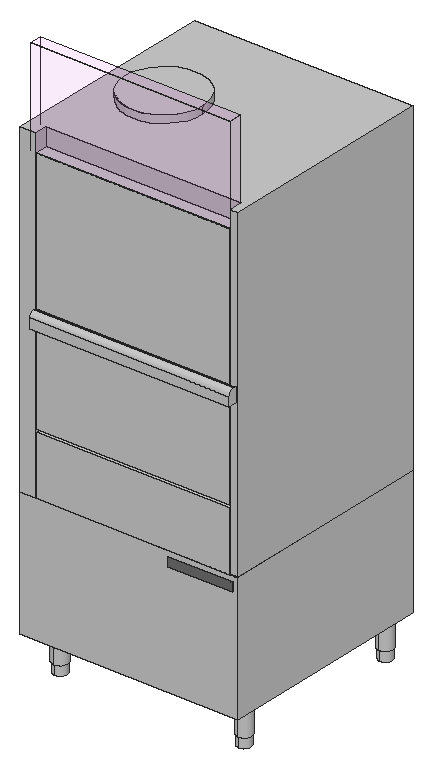
Revit family "PG66", category Equipement spécialisé, Revit 2023
Family settings
  Cote de connecteur circulaire = Utiliser le diamètre
  Type d'élément = Normal
  Numéro OmniClass = 23.40.40.14
  Titre OmniClass = Food Service Equipment
  Basée sur le plan de construction = Non
  Autoriser la découpe dans les vues = Non
  Toujours verticalement = Oui
  Couper avec des vides une fois chargée = Non
  Conserver l'orientation des annotations = Non
  Partagée = Non
  Repère de localisation dans la pièce = Non
Parameters (values of type "6G3257")
  URL catalogo = "https://comenda.eu/wp-content/uploads/2024/02/Scheda-tecnica_G-EVO-605-R_15.02.2024_ITA.pdf"
  URL = "www.comenda.eu"
  Tensione = 400 V
  Temperatura raccomandata per acqua calda = 50 °C
  Show Logo [instance] = yes
  Show Clearance [instance] = yes
  Protezione contro le sovracorrenti = 16 A
  Elévation par défaut = 0 mm
  Profondità = 870 mm
  Pressione minima acqua calda = 200000.0 Pa
  Potenza elettrica = 9000 W
  Pessione minima acqua fredda = 200000.0 Pa
  Peso netto = 200.00 kg
  Numero dei poli = 3
  Modèle = "G-EVO 605H R RCD"
  Fabricant = "COMENDA"
  Lunghezza = 840 mm
  Frequenza = 50 Hz
  Fase = 3
  Diametro raccordo acqua calda = 3/4"
  Diametro dello scarico diretto di acqua = 1 3/8"
  Description = "THREE-PHASE FRONT LOADING POTWASHER WITH RCD"
  Corrente di funzionamento normale = 13.7 A
  Assembly Code = ""
  Altezza dello scarico diretto acqua da pavimento finito = 145 mm
  Altezza da terra raccordo acqua calda = 175 mm
  Altezza allacciamento elettrico da pavimento finito = 135 mm
  Altezza = 1915 mm
Types (4, lengths in mm): name | URL catalogo | Profondità | Modèle | Lunghezza | Altezza
  6G3257 | "https://comenda.eu/wp-content/uploads/2024/02/Scheda-tecnica_G-EVO-605-R_15.02.2024_ITA.pdf" | 870 | "G-EVO 605H R RCD" | 840 | 1915
  6G3150 | "https://comenda.eu/wp-content/uploads/2024/02/Scheda-tecnica_G-EVO-605-R_15.02.2024_ITA.pdf" | 900 | "G-EVO 605 R RCD" | 860 | 1870
  6G3180 | "https://comenda.eu/wp-content/uploads/2024/02/Scheda-tecnica_G-EVO-655-R_15.02.2024_ITA.pdf" | 900 | "G-EVO 655 R RCD" | 860 | 1870
  6G3185 | "https://comenda.eu/wp-content/uploads/2024/02/Scheda-tecnica_G-EVO-655-R_15.02.2024_ITA.pdf" | 900 | "G-EVO 655H R RCD" | 860 | 2020
Reference planes
  plane 1 "Back": y = 0
  plane 2: z = 0
  plane 3 "Left": x = -30
  plane 4 "Right": x = 810
  plane 5 "Front": y = -870
  plane 6 "Top": z = 1915
Forms (mm)
  Revolve 1, solid
    sketch origin (60, 0, 0) x (0, 1, 0) y (0, 0, 1)
      loop
        line (-50, 135) -> (-80, 135) -> (-80, 0) -> (-55, 0) -> (-55, 40) -> (-50, 40) -> (-50, 135)
      axis (-80, 0) -> (-80, 135)
    angle from 0 to 360
  Revolve 2, solid
    sketch origin (60, -710, 0) x (0, 1, 0) y (0, 0, 1)
      loop
        line (-20, 135) -> (-50, 135) -> (-50, 0) -> (-25, 0) -> (-25, 40) -> (-20, 40) -> (-20, 135)
      axis (-50, 0) -> (-50, 135)
    angle from 0 to 360
  Revolve 3, solid
    sketch origin (770, 0, 0) x (0, 1, 0) y (0, 0, 1)
      loop
        line (-50, 135) -> (-80, 135) -> (-80, 0) -> (-55, 0) -> (-55, 40) -> (-50, 40) -> (-50, 135)
      axis (-80, 0) -> (-80, 135)
    angle from 0 to 360
  Revolve 4, solid
    sketch origin (770, -710, 0) x (0, 1, 0) y (0, 0, 1)
      loop
        line (-20, 135) -> (-50, 135) -> (-50, 0) -> (-25, 0) -> (-25, 40) -> (-20, 40) -> (-20, 135)
      axis (-50, 0) -> (-50, 135)
    angle from 0 to 360
  Extrusion 5, solid
    sketch origin (0, 0, 725.5) x (1, 0, 0) y (0, 1, 0)
      loop
        line (-30, 0) -> (-30, -840) -> (30, -840) -> (30, -790) -> (780, -790) -> (780, -840) -> (810, -840) -> (810, 0) -> (-30, 0)
    from -99.4 to 1161
  Extrusion 6, solid
    sketch origin (0, 0, 0) x (1, 0, 0) y (0, 1, 0)
      loop
        line (-30, 0) -> (-30, -840) -> (810, -840) -> (810, 0) -> (-30, 0)
    from 135 to 625
  Extrusion 7, solid
    sketch origin (30, 0, 1995) x (1, 0, 0) y (0, 1, 0)
      loop
        circle (170, -435) r 150
    from -108.5 to -80
  Extrusion 8, solid
    sketch origin (30, 0, -174) x (0, 1, 0) y (0, 0, 1)
      loop
        line (-870, 1399) -> (-840, 1399) -> (-840, 1454) -> (-850, 1454)
        arc (-850, 1454) -> (-864.142, 1448.142) -> (-870, 1434) r 20
        line (-870, 1434) -> (-870, 1399)
    from 0 to 770
  Extrusion 9, solid
    sketch origin (0, 0, 625) x (1, 0, 0) y (0, 1, 0)
      loop
        line (30, -840) -> (778.5, -840) -> (778.5, -790) -> (30, -790) -> (30, -840)
    from 0 to 229
  Extrusion 10, solid
    sketch origin (0, 0, 714.969) x (1, 0, 0) y (0, 1, 0)
      loop
        line (30, -840) -> (778.5, -840) -> (778.5, -790) -> (30, -790) -> (30, -840)
    from 150 to 565.031
  Extrusion 11, solid
    sketch origin (0, 1874.578, 1915) x (0, 1, 0) y (-1, 0, 0)
      loop
        line (-2714.578, -30) -> (-2714.578, -778.5) -> (-2664.578, -778.5) -> (-2664.578, -30) -> (-2714.578, -30)
    from -635 to -95
  Extrusion 12, solid, visible <- "Show Clearance", detail levels coarse
    sketch origin (30, 0, -119.416) x (0, 1, 0) y (0, 0, 1)
      loop
        line (-840, 984.386) -> (-840, 1354.386)
        arc (-840, 1354.386) -> (-1101.63, 1246.015) -> (-1210, 984.386) r 370
        line (-1210, 984.386) -> (-840, 984.386)
    from 0 to 768.5
  Extrusion 13, solid
    sketch origin (780, -840, 725.5) x (0, 1, 0) y (0, 0, -1)
      loop
        line (0, -1094.5) -> (0, -1464.5) -> (50, -1464.5) -> (50, -1094.5) -> (0, -1094.5)
    from 0 to 770
  Extrusion 14, void
    sketch origin (60, -760, 0) x (1, 0, 0) y (0, 1, 0)
      loop
        circle (-20, 130) r 9.55
    from 0 to 175
  Extrusion 15, void
    sketch origin (60, -760, 0) x (1, 0, 0) y (0, 1, 0)
      loop
        circle (539.96, 180) r 17.5
    from 0 to 145
  Extrusion 16, solid
    sketch origin (0, 0, 135) x (0, 1, 0) y (1, 0, 0)
      loop
        circle (-818, 725) r 4.875
    from 0 to 1
  Extrusion 17, solid
    sketch origin (0, -870, 0) x (-1, 0, 0) y (0, 0, 1)
      loop
        line (-789.783, 603.036) -> (-789.783, 568.036) -> (-539.783, 568.036) -> (-539.783, 603.036) -> (-789.783, 603.036)
    from 28.417 to 30
Cuts and joins
  Extrusion 14, Extrusion 15 cuts Extrusion 5
  Extrusion 14, Extrusion 15 cuts Extrusion 6
  joined: Extrusion 5, Extrusion 6
Lines and regions (mm)
  symbolic lines, style "200-EquipBorder-2D"
    curve 1: line (-30, 0, 0) -> (810, 0, 0)
    curve 2: line (-30, -840, 0) -> (-30, 0, 0)
    curve 3: line (810, -840, 0) -> (-30, -840, 0)
    curve 4: line (810, 0, 0) -> (810, -840, 0)
    curve 5: line (30, -840, 0) -> (30, -870, 0)
    curve 6: line (30, -870, 0) -> (780, -870, 0)
    curve 7: line (780, -870, 0) -> (780, -840, 0)
    curve 10: line (780, -790, 0) -> (780, -840, 0)
  symbolic lines, style "200-EquipInternal-2D"
    curve 8: line (30, -840, 0) -> (30, -790, 0)
    curve 9: line (30, -790, 0) -> (780, -790, 0)
    curve 11: circle (200, -405, 0) r 150 normal (0, 0, 1)
  symbolic lines, style "QF_Door-Drawer Clearances", visible <- "Show Clearance"
    curve 12: line (30, -840, 0) -> (30, -1360, 0)
    curve 13: line (778.5, -1360, 0) -> (778.5, -840, 0)
    curve 14: line (30, -1360, 0) -> (778.5, -1360, 0)
  symbolic lines, style "200-InsPoint-3D"
    curve 15: circle (-30, 0, 0) r 0.2 normal (0, 0, 1)
    curve 16: circle (810, 0, 0) r 0.2 normal (0, 0, 1)
    curve 17: circle (-30, -840, 0) r 0.2 normal (0, 0, 1)
    curve 18: circle (810, -840, 0) r 0.2 normal (0, 0, 1)
Dimensions and locks
  "Lunghezza": plane 3 "Left" to plane 4 "Right"
  "Profondità": plane 5 "Front" to plane 1 "Back"
  plane 6 "Top" to level = 1915 mm
  "Altezza": plane 6 "Top" to level
  Extrusion 7 to cut or joined group of Extrusion 5, Extrusion 6, Extrusion 14, Extrusion 15 = 28.5 mm
  cut or joined group of Extrusion 5, Extrusion 6, Extrusion 14, Extrusion 15 to Extrusion 11 = 66.5 mm
  locked: Extrusion 13 sketch curve to Extrusion 7 at 275
  locked: level to Extrusion 9 at 854
  locked: Extrusion 5 to plane 6 "Top" at 28.5
  cut or joined group of Extrusion 5, Extrusion 6, Extrusion 14, Extrusion 15 to Extrusion 13 = 66.5 mm
  locked: Extrusion 10 to level at 864.969
  level to Extrusion 12 sketch curve to Extrusion 12 sketch curve = 864.969 mm locked, 370 mm
  locked: cut or joined group of Extrusion 5, Extrusion 6, Extrusion 14, Extrusion 15 to Extrusion 11 at 606.5
  locked: Extrusion 11 to Extrusion 8 at 55
  locked: cut or joined group of Extrusion 5, Extrusion 6, Extrusion 14, Extrusion 15 to level at 625
  locked: cut or joined group of Extrusion 5, Extrusion 6, Extrusion 14, Extrusion 15 to level at 135
  aligned and locked: level to plane 2
  aligned and locked: Extrusion 13 sketch curve to Extrusion 11  (x2)
  aligned and locked: cut or joined group of Extrusion 5, Extrusion 6, Extrusion 14, Extrusion 15 to Extrusion 13 sketch curve
  aligned and locked: plane 6 "Top" to Extrusion 7
  aligned and locked: Extrusion 7 to cut or joined group of Extrusion 5, Extrusion 6, Extrusion 14, Extrusion 15
  aligned and locked: Extrusion 10 to Extrusion 11
  aligned and locked: Extrusion 8 to Extrusion 11
Automatic sketch dimensions
  Revolve 1 sketch curve to level = 0 mm
  plane 1 "Back" to Revolve 1 sketch curve = 80 mm
  Revolve 1 sketch curve to Revolve 1 sketch curve = 25 mm
  Revolve 1 sketch curve to Revolve 1 sketch curve = 5 mm
  level to Revolve 1 sketch curve = 40 mm
  Revolve 1 sketch curve to Revolve 1 sketch curve = 95 mm
  Revolve 1 sketch curve to Revolve 1 sketch curve = 0 mm
  Revolve 1 sketch curve to Revolve 1 sketch curve = 35 mm
  Revolve 1 sketch curve to Revolve 1 sketch curve = 50 mm
  Revolve 2 sketch curve to level = 0 mm
  plane 5 "Front" to Revolve 2 sketch curve = 110 mm
  Revolve 2 sketch curve to Revolve 2 sketch curve = 25 mm
  Revolve 2 sketch curve to Revolve 2 sketch curve = 5 mm
  level to Revolve 2 sketch curve = 40 mm
  Revolve 2 sketch curve to Revolve 2 sketch curve = 95 mm
  Revolve 2 sketch curve to Revolve 2 sketch curve = 0 mm
  Revolve 2 sketch curve to Revolve 2 sketch curve = 35 mm
  Revolve 2 sketch curve to Revolve 2 sketch curve = 50 mm
  Revolve 3 sketch curve to level = 0 mm
  plane 1 "Back" to Revolve 3 sketch curve = 80 mm
  Revolve 3 sketch curve to Revolve 3 sketch curve = 25 mm
  Revolve 3 sketch curve to Revolve 3 sketch curve = 5 mm
  level to Revolve 3 sketch curve = 40 mm
  Revolve 3 sketch curve to Revolve 3 sketch curve = 95 mm
  Revolve 3 sketch curve to Revolve 3 sketch curve = 0 mm
  Revolve 3 sketch curve to Revolve 3 sketch curve = 35 mm
  Revolve 3 sketch curve to Revolve 3 sketch curve = 50 mm
  Revolve 4 sketch curve to level = 0 mm
  plane 5 "Front" to Revolve 4 sketch curve = 110 mm
  Revolve 4 sketch curve to Revolve 4 sketch curve = 25 mm
  Revolve 4 sketch curve to Revolve 4 sketch curve = 5 mm
  level to Revolve 4 sketch curve = 40 mm
  Revolve 4 sketch curve to Revolve 4 sketch curve = 95 mm
  Revolve 4 sketch curve to Revolve 4 sketch curve = 0 mm
  Revolve 4 sketch curve to Revolve 4 sketch curve = 35 mm
  Revolve 4 sketch curve to Revolve 4 sketch curve = 50 mm
  plane 1 "Back" to Extrusion 5 sketch curve = 0 mm
  Extrusion 5 sketch curve to plane 3 "Left" = 0 mm
  Extrusion 5 sketch curve to plane 4 "Right" = 0 mm
  plane 3 "Left" to Extrusion 5 sketch curve = 60 mm
  plane 4 "Right" to Extrusion 5 sketch curve = 30 mm
  plane 5 "Front" to Extrusion 5 sketch curve = 80 mm
  plane 5 "Front" to Extrusion 5 sketch curve = 30 mm  (x2)
  Extrusion 6 sketch curve to plane 3 "Left" = 0 mm
  Extrusion 6 sketch curve to plane 4 "Right" = 0 mm
  plane 1 "Back" to Extrusion 6 sketch curve = 0 mm
  plane 5 "Front" to Extrusion 6 sketch curve = 30 mm
  plane 3 "Left" to Extrusion 7 sketch curve = 230 mm
  plane 1 "Back" to Extrusion 7 sketch curve = 435 mm
  Extrusion 8 sketch curve to plane 5 "Front" = 0 mm
  plane 5 "Front" to Extrusion 8 sketch curve = 20 mm
  plane 5 "Front" to Extrusion 8 sketch curve = 30 mm
  Extrusion 8 sketch curve to Extrusion 8 sketch curve = 35 mm
  plane 3 "Left" to Extrusion 9 sketch curve = 60 mm
  plane 4 "Right" to Extrusion 9 sketch curve = 31.5 mm
  plane 5 "Front" to Extrusion 9 sketch curve = 30 mm
  Extrusion 9 sketch curve to Extrusion 9 sketch curve = 50 mm
  plane 3 "Left" to Extrusion 10 sketch curve = 60 mm
  plane 4 "Right" to Extrusion 10 sketch curve = 31.5 mm
  plane 5 "Front" to Extrusion 10 sketch curve = 30 mm
  Extrusion 10 sketch curve to Extrusion 10 sketch curve = 50 mm
  Revolve 2 to Extrusion 14 sketch curve = 20 mm
  Extrusion 15 sketch curve to Revolve 2 = 539.96 mm
  Extrusion 6 to Extrusion 16 sketch curve = 22 mm
  Extrusion 6 to Extrusion 16 sketch curve = 85 mm
  Extrusion 8 sketch curve to plane 6 "Top" = 690 mm
  plane 5 "Front" to Extrusion 11 sketch curve = 30 mm
  Extrusion 11 sketch curve to Extrusion 11 sketch curve = 50 mm
  plane 4 "Right" to Extrusion 11 sketch curve = 31.5 mm
  plane 3 "Left" to Extrusion 11 sketch curve = 60 mm
  plane 5 "Front" to Extrusion 12 sketch curve = 30 mm
  Extrusion 12 sketch curve to Extrusion 12 sketch curve = 370 mm
  level to Extrusion 12 sketch curve = 864.969 mm
  curve 17 to plane 3 "Left" = 0 mm
  curve 2 to plane 3 "Left" = 0 mm
  plane 1 "Back" to curve 15 = 0 mm
  curve 15 to plane 3 "Left" = 0 mm
  curve 5 to plane 5 "Front" = 0 mm
  curve 4 to plane 4 "Right" = 0 mm
  plane 1 "Back" to curve 16 = 0 mm
  curve 16 to plane 4 "Right" = 0 mm
  curve 18 to plane 4 "Right" = 0 mm
  plane 1 "Back" to curve 2 = 0 mm
  plane 3 "Left" to curve 14 = 60 mm
  curve 5 to curve 12 = 0 mm
  curve 9 to curve 5 = 0 mm
  plane 3 "Left" to curve 11 = 230 mm
  plane 4 "Right" to curve 14 = 31.5 mm
  plane 4 "Right" to curve 9 = 30 mm
  curve 6 to curve 10 = 0 mm
  curve 13 to plane 5 "Front" = 490 mm
  plane 5 "Front" to curve 4 = 30 mm
  curve 17 to curve 2 = 0 mm
  curve 18 to curve 3 = 0 mm
  curve 7 to curve 9 = 50 mm
  curve 8 to curve 11 = 385 mm
  plane 4 "Right" to Extrusion 17 sketch curve = 20.217 mm
  Extrusion 17 sketch curve to Extrusion 17 sketch curve = 250 mm
  level to Extrusion 17 sketch curve = 568.036 mm
  Extrusion 17 sketch curve to Extrusion 17 sketch curve = 35 mm
  radius of Extrusion 7 sketch curve = 150 mm
  radius of Extrusion 14 sketch curve = 9.55 mm
  radius of Extrusion 15 sketch curve = 17.5 mm
  radius of Extrusion 16 sketch curve = 4.875 mm
  radius of curve 11 = 150 mm
  radius of curve 15 = 0.2 mm
  radius of curve 16 = 0.2 mm
  radius of curve 17 = 0.2 mm
  radius of curve 18 = 0.2 mm
Connectors
  piping at (599.96, -580, 145), diameter 34.925, driven by "Diametro dello scarico diretto di acqua"
    settings: on cut or joined group of Extrusion 5, Extrusion 6, Extrusion 14, Extrusion 15, index 1, connector inside diameter 24", connector length 0 mm, flow factor 0, pipe flow 0.0 L/s, pressure drop 0.0 Pa, fitting loss kfactor 0, connector angle 0.00°, fixture units 0, engagement length 0 mm, angle of deflection 0.00°, flow configuration 0, flow direction 2, fitting loss method 0, system type 7, joint type 0, gender type 0, connector reference index -1, connector utility 0, adjustable connector no, is connector primary yes, connector description "QF_DRAIN_CONNECTION"
  piping at (40, -630, 175), diameter 19.05, driven by "Diametro raccordo acqua calda"
    settings: on cut or joined group of Extrusion 5, Extrusion 6, Extrusion 14, Extrusion 15, index 2, connector inside diameter 24", connector length 0 mm, flow factor 0, pipe flow 0.0 L/s, pressure drop 0.0 Pa, fitting loss kfactor 0, connector angle 0.00°, fixture units 0, engagement length 0 mm, angle of deflection 0.00°, flow configuration 0, flow direction 1, fitting loss method 0, system type 7, joint type 0, gender type 0, connector reference index -1, connector utility 0, adjustable connector no, is connector primary no, connector description "WATER_CONNECTION"
  electrical at (725, -818, 135), driven by "Numero dei poli", driven by "Tensione", driven by "Potenza elettrica"
    settings: on Extrusion 16, index 3, voltage 400 V, apparent load 9000 VA, apparent load phase1 0 VA, apparent load phase2 0 VA, apparent load phase3 0 VA, power factor 1, load classification "Altro", number of poles 3, system type 30, power factor state 1, is connector primary yes, connector utility no, sub classification motor no, connector description "QF_ELECTRICAL_CONNECTION"
  hvac at (200, -435, 1915)
    settings: on Extrusion 7, index 4, duct flow 0.0 L/s, flow factor 0, pres drop 0.0 Pa, loss coef 0, conn angle 0.00°, conn width 304.8 mm, conn height 304.8 mm, conn diameter 300 mm, duct sys type 3, conn prof type 0, flow config 0, flow direction 2, loss method 0, conn ref index -1, conn util no, is conn primary yes, conn desc "QF_EXHAUST_AIR_CONNECTION"
